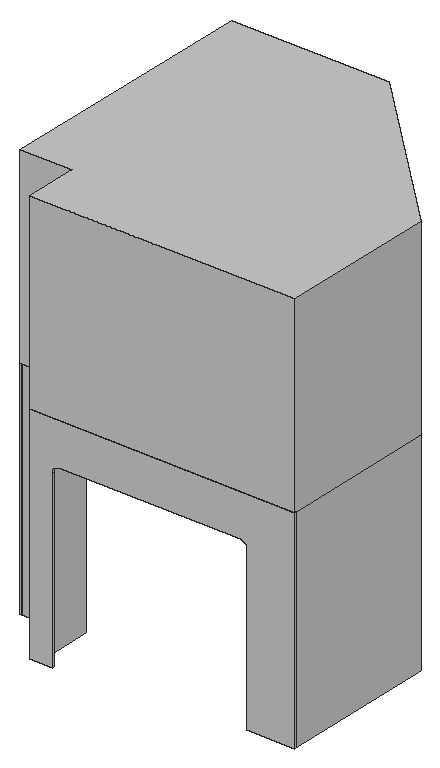
Revit family "QF_ELECTROLUXPROFESSIONAL_534057_NCDE", category Specialty Equipment, Revit 2018
Family settings
  Round Connector Dimension = Use Diameter
  Part Type = Normal
  Work Plane-Based = No
  Always vertical = Yes
  Cut with Voids When Loaded = No
  Shared = No
  Room Calculation Point = No
Parameters
  Weight = 0.00 kg
  Watts = 0 W
  Volts = 380 V
  URL Manufacturer = "http://professional.electrolux.com/"
  URL = "http://professional.electrolux.com/"
  Steam Supply Size = 0 mm
  Steam Supply Minimum Pressure = 0.0 Pa
  Steam Supply Maximum Pressure = 0.0 Pa
  Steam Pounds per Hour = 0
  Show Clearance [instance] = yes
  Refrigeration Suction Line Size = 0 mm
  Refrigeration Liquid Line Size = 0 mm
  Refrigerant Compressor Remote = yes
  Manufacturer = "Zanussi"
  Phase = 3
  Model = "NCDE"
  Length Actual = 872 mm  # constant formula
  Item Number = "534057"
  Hot Water Size = 0 mm
  Height Actual = 1146 mm  # constant formula
  HP = "11.4 HP"
  Gas Size = 0 mm
  Gas KW = 0
  Gas Input Pressure = 0 W
  Direct Waste Size = 0 mm
  Description = "CORNER DRYER, ELECTRIC"
  Depth Actual = 872 mm  # constant formula
  Cycle = 50 Hz
  Condensate Return Size = 0 mm
  Compressed Air Volume = 0.0 L/s
  Compressed Air Size = 0 mm
  Compressed Air Pressure = 0.0 Pa
  Cold Water Size = 0 mm
  Accessory = yes
Reference planes
  plane 1: z = 0
  plane 2 "LEFT": x = 13.437
  plane 3 "RIGHT": y = -488.742
  plane 4: z = 150
  plane 5 "TOP": z = 2020
  plane 6: x = 885.437
  plane 7: y = 383.258
Forms (mm)
  Extrusion 1, solid, material "QF_Clearance", visible <- "Show Clearance", detail levels coarse
    sketch origin (0, 0, 0) x (1, 0, 0) y (0, 1, 0)
      loop
        line (13.437, 383.258) -> (447.937, 383.258) -> (885.437, -54.242) -> (885.437, -488.742) -> (935.437, -488.742) -> (935.437, -33.531) -> (468.648, 433.258) -> (13.437, 433.258) -> (13.437, 383.258)
    from 874 to 2020
  Extrusion 2, solid, material "QF_Finishes_Stainless Steel"
    sketch origin (13.437, 437.565, 4000) x (0, 1, 0) y (0, 0, 1)
      loop
        line (-54.307, -2507) -> (-784.307, -2507) -> (-784.307, -3126) -> (-722.305, -3126) -> (-722.305, -2642.358)
        arc (-722.305, -2642.358) -> (-717.267, -2630.195) -> (-705.104, -2625.157) r 17.201
        line (-705.104, -2625.157) -> (-203.511, -2625.157)
        arc (-203.511, -2625.157) -> (-191.348, -2630.195) -> (-186.31, -2642.358) r 17.201
        line (-186.31, -2642.358) -> (-186.31, -3090) -> (-54.307, -3090) -> (-54.307, -2507)
    from 0 to 5
  Extrusion 3, solid, material "QF_Finishes_Stainless Steel"
    sketch origin (982.115, -488.742, 4000) x (1, 0, 0) y (0, 0, 1)
      loop
        line (-96.678, -2507) -> (-826.678, -2507) -> (-826.678, -3126) -> (-764.676, -3126) -> (-764.676, -2642.358)
        arc (-764.676, -2642.358) -> (-759.638, -2630.195) -> (-747.475, -2625.157) r 17.201
        line (-747.475, -2625.157) -> (-245.882, -2625.157)
        arc (-245.882, -2625.157) -> (-233.718, -2630.195) -> (-228.68, -2642.358) r 17.201
        line (-228.68, -2642.358) -> (-228.68, -3090) -> (-96.678, -3090) -> (-96.678, -2507)
    from -5 to 0
  Extrusion 4, solid, material "QF_Finishes_Stainless Steel"
    sketch origin (4267.2, 921.037, 2020) x (1, 0, 0) y (0, -1, 0)
      loop
        line (-3819.263, 537.779) -> (-3381.763, 975.279) -> (-3381.763, 1409.779) -> (-4111.763, 1409.779) -> (-4111.763, 1267.779) -> (-4253.763, 1267.779) -> (-4253.763, 537.779) -> (-3819.263, 537.779)
    from 0 to 527
  Extrusion 5, solid, material "QF_Finishes_Stainless Steel"
    sketch origin (4267.2, -1348.327, 874) x (0, -1, 0) y (1, 0, 0)
      loop
        line (-1731.585, -3819.263) -> (-1731.585, -4248.763) -> (-1001.585, -4248.763) -> (-1001.585, -4111.763) -> (-864.585, -4111.763) -> (-864.585, -3381.763) -> (-1294.085, -3381.763) -> (-1731.585, -3819.263)
    from 0 to 619
  Extrusion 6, void
    sketch origin (4267.2, -1348.327, 874) x (1, 0, 0) y (0, -1, 0)
      loop
        line (-3847.222, -1664.085) -> (-3449.263, -1266.126) -> (-3449.263, -864.585) -> (-4089.263, -864.585) -> (-4089.263, -1024.085) -> (-4248.763, -1024.085) -> (-4248.763, -1664.085) -> (-3847.222, -1664.085)
    from -569 to 0
  Extrusion 7, void
    sketch origin (4267.2, -1348.327, 874) x (0, -1, 0) y (1, 0, 0)
      loop
        line (-1731.585, -3819.263) -> (-1731.585, -4248.763) -> (-1664.085, -4248.763) -> (-1664.085, -3847.222) -> (-1266.126, -3449.263) -> (-864.585, -3449.263) -> (-864.585, -3381.763) -> (-1294.085, -3381.763) -> (-1731.585, -3819.263)
    from 0 to 36
Cuts and joins
  Extrusion 6, Extrusion 7 cuts Extrusion 5
Lines and regions (mm)
  symbolic lines
    curve 1: line (13.437, -346.742, 0) -> (13.437, 383.258, 0)
    curve 2: line (13.437, 383.258, 0) -> (447.937, 383.258, 0)
    curve 3: line (447.937, 383.258, 0) -> (885.437, -54.242, 0)
    curve 4: line (885.437, -54.242, 0) -> (885.437, -488.742, 0)
    curve 5: line (885.437, -488.742, 0) -> (155.437, -488.742, 0)
    curve 6: line (155.437, -488.742, 0) -> (155.437, -346.742, 0)
    curve 7: line (155.437, -346.742, 0) -> (13.437, -346.742, 0)
    curve 8: line (13.437, 315.758, 0) -> (419.978, 315.758, 0)
    curve 9: line (419.978, 315.758, 0) -> (817.937, -82.201, 0)
    curve 10: line (817.937, -82.201, 0) -> (817.937, -488.742, 0)
  symbolic lines, style "QF_Clearances", visible <- "Show Clearance", detail levels coarse
    curve 11: line (13.437, 433.258, 0) -> (468.648, 433.258, 0)
    curve 12: line (468.648, 433.258, 0) -> (935.437, -33.531, 0)
    curve 13: line (935.437, -33.531, 0) -> (935.437, -488.742, 0)
Dimensions and locks
  plane 4 to level = 150 mm
  aligned and locked: level to plane 1
